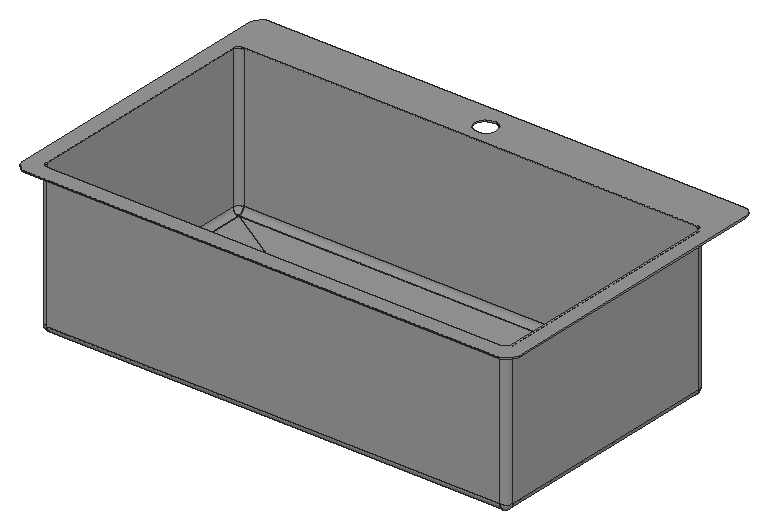
Revit family "BUILDMAT-TLAN007-Brittany-810-Tap-Landing-Stainless-Steel", category Plumbing Fixtures, host Face, Revit 2020
Family settings
  Host = Face
  Round Connector Dimension = Use Diameter
  Part Type = Normal
  Cut with Voids When Loaded = No
  Shared = No
  Room Calculation Point = No
Parameters (values of type "Brittany 810x500x250mm")
  Width = 760.0 mm
  Undermount [instance] = 0.0 mm
  URL = "https://www.buildmat.com.au/products/brittany-810-single-bowl-tap-landing-sink"
  Model = "TLAN007"  # constant formula
  Manufacturer URL = "https://www.buildmat.com.au/"
  Manufacturer = "BUILDMAT"  # constant formula
  Length = 400.0 mm
  Description = "BUILDMAT - Brittany 810x500 Single Bowl with Tap Landing Sink"  # constant formula
  Depth = 250.0 mm
  Default Elevation = 1219.2 mm
  Created By URL = "https://www.buildmat.com.au/"
  Created By = "BUILDMAT"  # constant formula
  Created = "22.06.2022"  # constant formula
  Material = BUILDMAT Stainless Steel
Reference planes
  plane 1 "Center (Front/Back)": y = 0
  plane 2: z = 0
  plane 3 "Center (Left/Right)": x = 0
  plane 4 "Top Substrate": z = 0
  plane 5 "Left": x = -380
  plane 6 "Right": x = 380
  plane 7 "Back": y = 200
  plane 8 "Front": y = -200
  plane 9: x = -405
  plane 10: x = 405
  plane 11: y = -225
  plane 12: y = 275
  plane 13 "Bottom Void": z = -250
  plane 14: z = 1.5
  plane 15: x = -381.5
  plane 16: y = -201.5
  plane 17: x = 381.5
  plane 18: y = 201.5
  plane 19: z = -240
  plane 20: z = -230
  plane 21: x = -370
  plane 22: x = 370
  plane 23: y = -190
  plane 24: y = 190
  plane 25: z = -245
  plane 26: z = -241.5
  plane 27: z = -246.5
  plane 28: x = -100
  plane 29: x = 100
  plane 30 "Sound Pad": z = -130
  plane 31 "Front Bracket": y = -100
  plane 32 "Back Bracket": y = 100
  plane 33: x = -280
  plane 34: x = 280
  plane 35: x = -57
  plane 36: x = 57
  plane 37: x = -45
  plane 38: x = 45
  plane 39: y = 232
  plane 40: y = 251.5
  plane 41: x = -393.2
  plane 42: z = -15
  plane 43: x = 393.2
  plane 44: x = -391.7
  plane 45: x = 391.7
Forms (mm)
  Extrusion 1, void
    sketch origin (0, 0, 0) x (1, 0, 0) y (0, 1, 0)
      loop
        arc (-370, 200) -> (-377.071, 197.071) -> (-380, 190) r 10
        line (-380, 190) -> (-380, -190)
        arc (-380, -190) -> (-377.071, -197.071) -> (-370, -200) r 10
        line (-370, -200) -> (370, -200)
        arc (370, -200) -> (377.071, -197.071) -> (380, -190) r 10
        line (380, -190) -> (380, 190)
        arc (380, 190) -> (377.071, 197.071) -> (370, 200) r 10
        line (370, 200) -> (-370, 200)
    from 0 to 1.5
  Extrusion 2, void
    sketch origin (0, 0, 0) x (1, 0, 0) y (0, 1, 0)
      loop
        line (-381.5, 201.5) -> (-381.5, -201.5) -> (381.5, -201.5) -> (381.5, 201.5) -> (-381.5, 201.5)
    from 0 to -250
  Extrusion 3, void
    sketch origin (0, 0, 0) x (1, 0, 0) y (0, 1, 0)
      loop
        arc (-385, 275) -> (-399.142, 269.142) -> (-405, 255) r 20
        line (-405, 255) -> (-405, -205)
        arc (-405, -205) -> (-399.142, -219.142) -> (-385, -225) r 20
        line (-385, -225) -> (385, -225)
        arc (385, -225) -> (399.142, -219.142) -> (405, -205) r 20
        line (405, -205) -> (405, 255)
        arc (405, 255) -> (399.142, 269.142) -> (385, 275) r 20
        line (385, 275) -> (-385, 275)
    from 1.5 to 0
  Extrusion 4, solid, material "BUILDMAT Stainless Steel" <- "Material"
    sketch origin (0, 0, 0) x (-1, 0, 0) y (0, -1, 0)
      loop
        arc (385, -275) -> (399.142, -269.142) -> (405, -255) r 20
        line (405, -255) -> (405, 205)
        arc (405, 205) -> (399.142, 219.142) -> (385, 225) r 20
        line (385, 225) -> (-385, 225)
        arc (-385, 225) -> (-399.142, 219.142) -> (-405, 205) r 20
        line (-405, 205) -> (-405, -255)
        arc (-405, -255) -> (-399.142, -269.142) -> (-385, -275) r 20
        line (-385, -275) -> (385, -275)
      loop
        arc (370, -200) -> (377.071, -197.071) -> (380, -190) r 10
        line (380, -190) -> (380, 190)
        arc (380, 190) -> (377.071, 197.071) -> (370, 200) r 10
        line (370, 200) -> (-370, 200)
        arc (-370, 200) -> (-377.071, 197.071) -> (-380, 190) r 10
        line (-380, 190) -> (-380, -190)
        arc (-380, -190) -> (-377.071, -197.071) -> (-370, -200) r 10
        line (-370, -200) -> (370, -200)
    from 0 to 1.5
  Extrusion 5, solid, material "BUILDMAT Stainless Steel" <- "Material"
    sketch origin (0, 0, 0) x (-1, 0, 0) y (0, -1, 0)
      loop
        arc (370, -201.5) -> (378.132, -198.132) -> (381.5, -190) r 11.5
        line (381.5, -190) -> (381.5, 190)
        arc (381.5, 190) -> (378.132, 198.132) -> (370, 201.5) r 11.5
        line (370, 201.5) -> (-370, 201.5)
        arc (-370, 201.5) -> (-378.132, 198.132) -> (-381.5, 190) r 11.5
        line (-381.5, 190) -> (-381.5, -190)
        arc (-381.5, -190) -> (-378.132, -198.132) -> (-370, -201.5) r 11.5
        line (-370, -201.5) -> (370, -201.5)
      loop
        arc (-370, 200) -> (-377.071, 197.071) -> (-380, 190) r 10
        line (-380, 190) -> (-380, -190)
        arc (-380, -190) -> (-377.071, -197.071) -> (-370, -200) r 10
        line (-370, -200) -> (370, -200)
        arc (370, -200) -> (377.071, -197.071) -> (380, -190) r 10
        line (380, -190) -> (380, 190)
        arc (380, 190) -> (377.071, 197.071) -> (370, 200) r 10
        line (370, 200) -> (-370, 200)
    from 0 to -230
  Revolve 6, solid, material "BUILDMAT Stainless Steel" <- "Material"
    sketch origin (-175.162, 190, 1219.2) x (-1, 0, 0) y (0, 0, 1)
      loop
        line (-555.162, -1449.2) -> (-556.662, -1449.2)
        arc (-556.662, -1449.2) -> (-553.293, -1457.332) -> (-545.162, -1460.7) r 11.5
        line (-545.162, -1460.7) -> (-545.162, -1459.2)
        arc (-545.162, -1459.2) -> (-552.233, -1456.271) -> (-555.162, -1449.2) r 10
      axis (-545.162, -1460.7) -> (-545.162, -1449.2)
    angle from 0 to -90
  Revolve 7, solid, material "BUILDMAT Stainless Steel" <- "Material"
    sketch origin (-175.162, 190, 1219.2) x (-1, 0, 0) y (0, 0, 1)
      loop
        arc (204.838, -1449.2) -> (201.909, -1456.271) -> (194.838, -1459.2) r 10
        line (194.838, -1459.2) -> (194.838, -1460.7)
        arc (194.838, -1460.7) -> (202.97, -1457.332) -> (206.338, -1449.2) r 11.5
        line (206.338, -1449.2) -> (204.838, -1449.2)
      axis (194.838, -1449.2) -> (194.838, -1460.7)
    angle from 0 to -90
  Revolve 8, solid, material "BUILDMAT Stainless Steel" <- "Material"
    sketch origin (-175.162, -190, 1219.2) x (-1, 0, 0) y (0, 0, 1)
      loop
        arc (204.838, -1449.2) -> (201.909, -1456.271) -> (194.838, -1459.2) r 10
        line (194.838, -1459.2) -> (194.838, -1460.7)
        arc (194.838, -1460.7) -> (202.97, -1457.332) -> (206.338, -1449.2) r 11.5
        line (206.338, -1449.2) -> (204.838, -1449.2)
      axis (194.838, -1449.2) -> (194.838, -1460.7)
    angle from 0 to 90
  Revolve 9, solid, material "BUILDMAT Stainless Steel" <- "Material"
    sketch origin (-175.162, -190, 1219.2) x (-1, 0, 0) y (0, 0, 1)
      loop
        line (-555.162, -1449.2) -> (-556.662, -1449.2)
        arc (-556.662, -1449.2) -> (-553.293, -1457.332) -> (-545.162, -1460.7) r 11.5
        line (-545.162, -1460.7) -> (-545.162, -1459.2)
        arc (-545.162, -1459.2) -> (-552.233, -1456.271) -> (-555.162, -1449.2) r 10
      axis (-545.162, -1449.2) -> (-545.162, -1460.7)
    angle from 0 to 90
  Extrusion 10, solid, material "BUILDMAT Stainless Steel" <- "Material"
    sketch origin (0, 0, 0) x (1, 0, 0) y (0, 0, 1)
      loop
        line (-380, -230) -> (-381.5, -230)
        arc (-381.5, -230) -> (-378.132, -238.132) -> (-370, -241.5) r 11.5
        line (-370, -241.5) -> (-370, -240)
        arc (-370, -240) -> (-377.071, -237.071) -> (-380, -230) r 10
    from -190 to 190
  Extrusion 11, solid, material "BUILDMAT Stainless Steel" <- "Material"
    sketch origin (0, 0, 0) x (1, 0, 0) y (0, 0, 1)
      loop
        arc (380, -230) -> (377.071, -237.071) -> (370, -240) r 10
        line (370, -240) -> (370, -241.5)
        arc (370, -241.5) -> (378.132, -238.132) -> (381.5, -230) r 11.5
        line (381.5, -230) -> (380, -230)
    from -190 to 190
  Extrusion 12, solid, material "BUILDMAT Stainless Steel" <- "Material"
    sketch origin (0, 0, 0) x (0, 1, 0) y (0, 0, 1)
      loop
        arc (200, -230) -> (197.071, -237.071) -> (190, -240) r 10
        line (190, -240) -> (190, -241.5)
        arc (190, -241.5) -> (198.132, -238.132) -> (201.5, -230) r 11.5
        line (201.5, -230) -> (200, -230)
    from -370 to 370
  Extrusion 13, solid, material "BUILDMAT Stainless Steel" <- "Material"
    sketch origin (0, 0, 0) x (0, 1, 0) y (0, 0, 1)
      loop
        line (-200, -230) -> (-201.5, -230)
        arc (-201.5, -230) -> (-198.132, -238.132) -> (-190, -241.5) r 11.5
        line (-190, -241.5) -> (-190, -240)
        arc (-190, -240) -> (-197.071, -237.071) -> (-200, -230) r 10
    from -370 to 370
  Revolve 14, solid, material "BUILDMAT Stainless Steel" <- "Material"
    sketch origin (0, 0, 0) x (1, 0, 0) y (0, 0, 1)
      loop
        line (-45, -250) -> (-45, -248.5)
        spline (-45, -248.5) -> (-46.484, -248.459) -> (-47.939, -248.339) -> (-49.337, -248.141) -> (-50.649, -247.871) -> (-51.848, -247.537) -> (-52.908, -247.151) -> (-53.805, -246.726) -> (-54.514, -246.283) -> (-55.023, -245.856) -> (-55.329, -245.483) -> (-55.468, -245.202) -> (-55.5, -245)
        line (-55.5, -245) -> (-57, -245)
        spline (-57, -245) -> (-56.897, -245.653) -> (-56.591, -246.294) -> (-56.087, -246.913) -> (-55.392, -247.5) -> (-54.52, -248.044) -> (-53.485, -248.536) -> (-52.305, -248.967) -> (-51, -249.33) -> (-49.592, -249.619) -> (-48.106, -249.83) -> (-46.566, -249.957) -> (-45, -250)
      axis (0, -245) -> (0, -250)
    angle from 0 to 360
  Blend 15, solid, material "BUILDMAT Stainless Steel" <- "Material"
    base sketch origin (0, 0, 0) x (-1, 0, 0) y (0, -1, 0)
      loop
        circle (0, 0) r 57
    top sketch origin (0, 0, 0) x (-1, 0, 0) y (0, -1, 0)
      loop
        line (370, -190) -> (370, 190) -> (-370, 190) -> (-370, -190) -> (370, -190)
    from -246.5 to -241.5
  Blend 16, void
    base sketch origin (0, 0, 0) x (-1, 0, 0) y (0, -1, 0)
      loop
        circle (0, 0) r 57
    top sketch origin (0, 0, 0) x (-1, 0, 0) y (0, -1, 0)
      loop
        line (370, -190) -> (370, 190) -> (-370, 190) -> (-370, -190) -> (370, -190)
    from -245 to -240
  Extrusion 17, solid, material "BUILDMAT Stainless Steel" <- "Material"
    sketch origin (0, 0, 0) x (-1, 0, 0) y (0, -1, 0)
      loop
        line (370, -190) -> (370, 190) -> (-370, 190) -> (-370, -190) -> (370, -190)
    from -241.5 to -240
  Extrusion 18, void
    sketch origin (0, 0, 0) x (-1, 0, 0) y (0, -1, 0)
      loop
        circle (0, 0) r 57
    from -250 to -230
  Extrusion 19, void
    sketch origin (0, 0, 0) x (-1, 0, 0) y (0, -1, 0)
      loop
        circle (0, -232) r 17.5
    from 0 to 100
Cuts and joins
  Extrusion 19 cuts Extrusion 4
  Extrusion 19 cuts Extrusion 5
  joined: Extrusion 4, Extrusion 5
  joined: Revolve 6, Revolve 9
  joined: Revolve 7, Revolve 8
  Blend 16, Extrusion 18 cuts Blend 15
  Blend 16, Extrusion 18 cuts Extrusion 17
  joined: Blend 15, Extrusion 17
Lines and regions (mm)
  Masking region 1
    outline origin (0, 0, 0) x (1, 0, 0) y (0, 0, 1)
      loop
        line (380, 0) -> (-380, 0) -> (-380, -230)
        arc (-380, -230) -> (-377.071, -237.071) -> (-370, -240) r 10
        line (-370, -240) -> (-57, -245) -> (57, -245) -> (370, -240)
        arc (370, -240) -> (377.071, -237.071) -> (380, -230) r 10
        line (380, -230) -> (380, 0)
  Masking region 2
    outline origin (0, 0, 0) x (1, 0, 0) y (0, 0, 1)
      loop
        line (-100, -245.813) -> (-100, -250) -> (-57, -250) -> (-57, -246.5) -> (-100, -245.813)
  Masking region 3
    outline origin (0, 0, 0) x (1, 0, 0) y (0, 0, 1)
      loop
        line (57, -246.5) -> (57, -250) -> (100, -250) -> (100, -245.813) -> (57, -246.5)
  Masking region 4
    outline origin (0, 0, 0) x (1, 0, 0) y (0, 0, 1)
      loop
        line (-393.2, 0) -> (-393.2, -15) -> (-391.7, -15) -> (-391.7, 0) -> (-393.2, 0)
  Masking region 5
    outline origin (0, 0, 0) x (1, 0, 0) y (0, 0, 1)
      loop
        line (391.7, 0) -> (391.7, -15) -> (393.2, -15) -> (393.2, 0) -> (391.7, 0)
Text (mm)
  text "Refer to www.buildmat.com.au for the most current product literature. \nAllow a +/- 5mm tolerance for dimensions shown in the product literature. \nPlease note product details are subject to change due to ongoing product development." at (0.056, -1035.857, 0), in view "Ref. Level"
Dimensions and locks
  "Undermount": plane 2 to plane 4 "Top Substrate"
  equal spacing: plane 5 "Left", plane 3 "Center (Left/Right)", plane 6 "Right"
  "Width": plane 5 "Left" to plane 6 "Right"
  "Length": plane 7 "Back" to plane 8 "Front"
  equal spacing: plane 7 "Back", plane 1 "Center (Front/Back)", plane 8 "Front"
  locked: plane 12 to plane 7 "Back" at 75
  locked: plane 8 "Front" to plane 11 at 25
  locked: plane 9 to plane 5 "Left" at 25
  locked: plane 6 "Right" to plane 10 at 25
  "Depth": plane 4 "Top Substrate" to plane 13 "Bottom Void"
  locked: plane 14 to plane 4 "Top Substrate" at 1.5
  locked: plane 18 to plane 7 "Back" at 1.5
  locked: plane 8 "Front" to plane 16 at 1.5
  plane 15 to plane 5 "Left" = 1.5 mm
  plane 6 "Right" to plane 17 = 1.5 mm
  plane 20 to plane 19 to plane 13 "Bottom Void" = 10.0 mm, 10.0 mm
  locked: plane 5 "Left" to plane 21 at 10
  locked: plane 22 to plane 6 "Right" at 10
  locked: plane 7 "Back" to plane 24 at 10
  locked: plane 23 to plane 8 "Front" at 10
  locked: plane 19 to plane 26 at 1.5
  locked: plane 25 to plane 13 "Bottom Void" at 5
  locked: plane 25 to plane 27 at 1.5
  plane 29 to plane 3 "Center (Left/Right)" to plane 28 = 100.0 mm locked, 100.0 mm locked
  locked: plane 30 "Sound Pad" to plane 13 "Bottom Void" at 120
  locked: plane 7 "Back" to plane 32 "Back Bracket" at 100
  locked: plane 31 "Front Bracket" to plane 8 "Front" at 100
  locked: plane 33 to plane 5 "Left" at 100
  locked: plane 6 "Right" to plane 34 at 100
  plane 37 to plane 3 "Center (Left/Right)" to plane 38 = 45.0 mm locked, 45.0 mm locked
  plane 35 to plane 3 "Center (Left/Right)" to plane 36 = 57.0 mm locked, 57.0 mm locked
  locked: plane 12 to plane 39 at 43
  locked: plane 40 to plane 18 at 50
  plane 44 to plane 41 to plane 9 = 1.5 mm locked, 11.8 mm locked
  plane 10 to plane 43 to plane 45 = 11.8 mm locked, 1.5 mm locked
  locked: plane 4 "Top Substrate" to plane 42 at 15
  aligned and locked: plane 2 to host face
  aligned and locked: level to host face
  aligned and locked: plane 8 "Front" to Extrusion 1 sketch curve
  aligned and locked: Extrusion 1 sketch curve to plane 7 "Back"
  aligned and locked: plane 5 "Left" to Extrusion 1 sketch curve
  aligned and locked: Extrusion 1 sketch curve to plane 6 "Right"
  aligned and locked: plane 2 to Extrusion 1
  aligned and locked: plane 14 to Extrusion 1
  aligned and locked: Extrusion 2 sketch curve to plane 16
  aligned and locked: Extrusion 2 sketch curve to plane 18
  aligned and locked: plane 15 to Extrusion 2 sketch curve
  aligned and locked: plane 17 to Extrusion 2 sketch curve
  aligned and locked: Extrusion 2 to plane 13 "Bottom Void"
  aligned and locked: plane 4 "Top Substrate" to Extrusion 2
  aligned and locked: Extrusion 3 sketch curve to plane 11
  aligned and locked: plane 9 to Extrusion 3 sketch curve
  aligned and locked: Extrusion 3 sketch curve to plane 10
  aligned and locked: Extrusion 3 sketch curve to plane 12
  aligned and locked: Extrusion 3 to plane 4 "Top Substrate"
  aligned and locked: Extrusion 3 to plane 14
  aligned and locked: Extrusion 4 sketch curve to plane 11
  aligned and locked: Extrusion 4 sketch curve to plane 12
  aligned and locked: plane 9 to Extrusion 4 sketch curve
  aligned and locked: Extrusion 4 sketch curve to plane 10
  aligned and locked: plane 5 "Left" to Extrusion 4 sketch curve
  aligned and locked: Extrusion 4 sketch curve to plane 6 "Right"
  aligned and locked: Extrusion 4 sketch curve to plane 7 "Back"
  aligned and locked: plane 8 "Front" to Extrusion 4 sketch curve
  aligned and locked: Extrusion 5 sketch curve to plane 7 "Back"
  aligned and locked: plane 5 "Left" to Extrusion 5 sketch curve
  aligned and locked: Extrusion 5 sketch curve to plane 6 "Right"
  aligned and locked: plane 8 "Front" to Extrusion 5 sketch curve
  aligned and locked: plane 15 to Extrusion 5 sketch curve
  aligned and locked: Extrusion 5 sketch curve to plane 16
  aligned and locked: plane 17 to Extrusion 5 sketch curve
  aligned and locked: Extrusion 5 sketch curve to plane 18
  aligned and locked: Extrusion 5 to plane 20
  aligned and locked: plane 4 "Top Substrate" to Extrusion 5
  aligned and locked: Extrusion 11 to plane 23
  aligned and locked: plane 24 to Extrusion 11
  aligned and locked: plane 24 to Extrusion 10
  aligned and locked: Extrusion 10 to plane 23
  aligned and locked: Extrusion 13 to plane 21
  aligned and locked: plane 22 to Extrusion 13
  aligned and locked: plane 22 to Extrusion 12
  aligned and locked: Extrusion 12 to plane 21
  aligned and locked: plane 21 to Blend 15 sketch curve
  aligned and locked: Blend 15 sketch curve to plane 22
  aligned and locked: Blend 15 sketch curve to plane 23
  aligned and locked: Blend 15 sketch curve to plane 24
  aligned and locked: plane 27 to Blend 15
  aligned and locked: Blend 15 to plane 26
  aligned and locked: Blend 16 sketch curve to plane 24
  aligned and locked: plane 21 to Blend 16 sketch curve
  aligned and locked: Blend 16 sketch curve to plane 22
  aligned and locked: Blend 16 sketch curve to plane 23
  aligned and locked: Blend 16 to plane 25
  aligned and locked: Blend 16 to plane 19
  aligned and locked: Extrusion 17 sketch curve to plane 24
  aligned and locked: Extrusion 17 sketch curve to plane 23
  aligned and locked: plane 21 to Extrusion 17 sketch curve
  aligned and locked: Extrusion 17 sketch curve to plane 22
  aligned and locked: Extrusion 17 to plane 26
  aligned and locked: Extrusion 17 to plane 19
  aligned and locked: Extrusion 18 to plane 13 "Bottom Void"
  aligned and locked: plane 20 to Extrusion 18
  aligned and locked: cut or joined group of Blend 15, Blend 16, Extrusion 17, Extrusion 18 to Masking region 2 sketch curve
  aligned and locked: Masking region 3 sketch curve to cut or joined group of Blend 15, Blend 16, Extrusion 17, Extrusion 18
  aligned and locked: plane 3 "Center (Left/Right)" to nested 1
  aligned and locked: nested 1 to plane 30 "Sound Pad"
  aligned and locked: plane 31 "Front Bracket" to nested 3
  aligned and locked: plane 15 to nested 3
  aligned and locked: plane 31 "Front Bracket" to nested 5
  aligned and locked: plane 17 to nested 5
  aligned and locked: plane 32 "Back Bracket" to nested 4
  aligned and locked: plane 17 to nested 4
  aligned and locked: plane 32 "Back Bracket" to nested 2
  aligned and locked: plane 15 to nested 2
  aligned and locked: nested 6 to plane 4 "Top Substrate"
  aligned and locked: nested 6 to plane 33
  aligned and locked: nested 7 to plane 4 "Top Substrate"
  aligned and locked: nested 7 to plane 34
  aligned and locked: nested 10 to plane 33
  aligned and locked: nested 11 to plane 34
  aligned and locked: plane 16 to nested 10
  aligned and locked: nested 11 to plane 16
  aligned and locked: plane 33 to nested 8
  aligned and locked: plane 34 to nested 9
  aligned and locked: nested 12 to plane 23
  aligned and locked: nested 12 to plane 24
  aligned and locked: plane 22 to nested 12
  aligned and locked: plane 21 to nested 12
  aligned and locked: plane 3 "Center (Left/Right)" to nested 13
  aligned and locked: plane 1 "Center (Front/Back)" to nested 13
  aligned and locked: plane 4 "Top Substrate" to Masking region 1
  aligned and locked: nested 9 to plane 40
  aligned and locked: nested 8 to plane 40
  aligned and locked: Extrusion 19 to plane 4 "Top Substrate"
  aligned and locked: Masking region 4 sketch curve to plane 4 "Top Substrate"
  aligned and locked: Masking region 4 sketch curve to plane 42
  aligned and locked: Masking region 4 sketch curve to plane 41
  aligned and locked: Masking region 4 sketch curve to plane 44
  aligned and locked: Masking region 5 sketch curve to plane 4 "Top Substrate"
  aligned and locked: plane 42 to Masking region 5 sketch curve
  aligned and locked: Masking region 5 sketch curve to plane 43
  aligned and locked: Masking region 5 sketch curve to plane 45
Automatic sketch dimensions
  host sketch curve to host sketch curve = 2438.4 mm  (x2)
  plane 5 "Left" to Extrusion 1 sketch curve = 10.0 mm  (x2)
  Extrusion 1 sketch curve to plane 6 "Right" = 10.0 mm  (x2)
  Extrusion 4 sketch curve to plane 10 = 20.0 mm  (x2)
  Extrusion 4 sketch curve to Extrusion 4 sketch curve = 10.0 mm  (x2)
  plane 5 "Left" to Extrusion 4 sketch curve = 10.0 mm
  plane 9 to Extrusion 4 sketch curve = 20.0 mm
  plane 8 "Front" to Extrusion 4 sketch curve = 10.0 mm
  plane 11 to Extrusion 4 sketch curve = 20.0 mm
  Extrusion 3 sketch curve to plane 5 "Left" = 5.0 mm
  plane 6 "Right" to Extrusion 3 sketch curve = 5.0 mm  (x2)
  plane 7 "Back" to Extrusion 3 sketch curve = 55.0 mm
  plane 5 "Left" to Extrusion 5 sketch curve = 10.0 mm
  Extrusion 5 sketch curve to plane 6 "Right" = 10.0 mm
  plane 8 "Front" to Extrusion 5 sketch curve = 10.0 mm
  Extrusion 5 sketch curve to plane 7 "Back" = 10.0 mm
  Extrusion 5 sketch curve to Extrusion 5 sketch curve = 0.0 mm  (x4)
  Revolve 6 sketch curve to Revolve 6 sketch curve = 0.0 mm  (x3)
  plane 17 to Revolve 6 sketch curve = 0.0 mm
  Revolve 6 sketch curve to plane 6 "Right" = 0.0 mm
  Revolve 6 sketch curve to plane 22 = 0.0 mm  (x2)
  Revolve 6 sketch curve to plane 19 = 0.0 mm
  Revolve 6 sketch curve to plane 20 = 0.0 mm
  Revolve 7 sketch curve to Revolve 7 sketch curve = 0.0 mm  (x3)
  Revolve 7 sketch curve to plane 20 = 0.0 mm  (x2)
  Revolve 7 sketch curve to plane 21 = 0.0 mm  (x2)
  Revolve 7 sketch curve to plane 5 "Left" = 0.0 mm
  Revolve 7 sketch curve to plane 15 = 0.0 mm
  Revolve 8 sketch curve to Revolve 8 sketch curve = 0.0 mm  (x3)
  Revolve 8 sketch curve to plane 20 = 0.0 mm  (x2)
  Revolve 8 sketch curve to plane 21 = 0.0 mm  (x2)
  Revolve 8 sketch curve to plane 5 "Left" = 0.0 mm
  Revolve 8 sketch curve to plane 15 = 0.0 mm
  Revolve 9 sketch curve to Revolve 9 sketch curve = 0.0 mm  (x3)
  plane 17 to Revolve 9 sketch curve = 0.0 mm
  Revolve 9 sketch curve to plane 6 "Right" = 0.0 mm
  Revolve 9 sketch curve to plane 22 = 0.0 mm  (x2)
  Revolve 9 sketch curve to plane 20 = 0.0 mm
  Revolve 9 sketch curve to plane 19 = 0.0 mm
  Extrusion 10 sketch curve to plane 15 = 0.0 mm
  Extrusion 10 sketch curve to plane 5 "Left" = 0.0 mm
  Extrusion 10 sketch curve to plane 19 = 0.0 mm
  Extrusion 10 sketch curve to plane 21 = 0.0 mm
  Extrusion 11 sketch curve to plane 20 = 0.0 mm
  Extrusion 11 sketch curve to plane 22 = 0.0 mm
  Extrusion 11 sketch curve to plane 6 "Right" = 0.0 mm
  plane 17 to Extrusion 11 sketch curve = 0.0 mm
  Extrusion 12 sketch curve to plane 20 = 0.0 mm
  Extrusion 12 sketch curve to plane 24 = 0.0 mm
  Extrusion 12 sketch curve to plane 7 "Back" = 0.0 mm
  Extrusion 12 sketch curve to plane 18 = 0.0 mm
  Extrusion 13 sketch curve to plane 16 = 0.0 mm
  Extrusion 13 sketch curve to plane 8 "Front" = 0.0 mm
  Extrusion 13 sketch curve to plane 23 = 0.0 mm
  Extrusion 13 sketch curve to plane 19 = 0.0 mm
  Revolve 14 sketch curve to plane 25 = 0.0 mm
  Revolve 14 sketch curve to plane 13 "Bottom Void" = 0.0 mm  (x2)
  Revolve 14 sketch curve to plane 3 "Center (Left/Right)" = 0.0 mm
  Revolve 14 sketch curve to plane 20 = 0.0 mm
  Revolve 14 sketch curve to plane 3 "Center (Left/Right)" = 45.0 mm
  Revolve 14 sketch curve to Revolve 14 sketch curve = 10.5 mm
  Revolve 14 sketch curve to Revolve 14 sketch curve = 1.5 mm  (x2)
  Revolve 14 sketch curve to Revolve 14 sketch curve = 0.0 mm
  plane 1 "Center (Front/Back)" to Blend 15 sketch curve = 0.0 mm
  Blend 15 sketch curve to plane 3 "Center (Left/Right)" = 0.0 mm
  plane 1 "Center (Front/Back)" to Blend 16 sketch curve = 0.0 mm
  Blend 16 sketch curve to plane 3 "Center (Left/Right)" = 0.0 mm
  plane 1 "Center (Front/Back)" to Extrusion 18 sketch curve = 0.0 mm
  Extrusion 18 sketch curve to plane 3 "Center (Left/Right)" = 0.0 mm
  Masking region 1 sketch curve to level = 0.0 mm
  Masking region 1 sketch curve to plane 20 = 0.0 mm
  Masking region 1 sketch curve to plane 21 = 0.0 mm
  Masking region 1 sketch curve to plane 25 = 0.0 mm
  Masking region 1 sketch curve to plane 3 "Center (Left/Right)" = 57.0 mm
  plane 3 "Center (Left/Right)" to Masking region 1 sketch curve = 57.0 mm
  Masking region 1 sketch curve to plane 19 = 0.0 mm
  Masking region 1 sketch curve to plane 22 = 0.0 mm
  Masking region 1 sketch curve to plane 6 "Right" = 0.0 mm
  Masking region 1 sketch curve to plane 5 "Left" = 0.0 mm
  Masking region 2 sketch curve to plane 28 = 0.0 mm
  Masking region 2 sketch curve to plane 13 "Bottom Void" = 0.0 mm
  Masking region 2 sketch curve to plane 27 = 0.0 mm
  Masking region 3 sketch curve to plane 27 = 0.0 mm
  Masking region 3 sketch curve to plane 13 "Bottom Void" = 0.0 mm
  Masking region 3 sketch curve to plane 29 = 0.0 mm
  Extrusion 19 sketch curve to plane 3 "Center (Left/Right)" = 0.0 mm
  Extrusion 19 sketch curve to plane 39 = 0.0 mm
  radius of Blend 15 sketch curve = 57.0 mm
  radius of Blend 16 sketch curve = 57.0 mm
  radius of Extrusion 18 sketch curve = 57.0 mm
  radius of Extrusion 19 sketch curve = 17.5 mm
Nested families
  nested 1: "SP_Front" at (0, 0, -130) x (1, 0, 0) z (0, -1, 0), type "SP_Front", not visible
  nested 2: "TMB_Plan" at (-381.5, 100, 0) x (0, 1, 0) z (0, 0, 1), type "TMB_Plan"
  nested 3: "TMB_Plan" at (-381.5, -100, 0) x (0, 1, 0) z (0, 0, 1), type "TMB_Plan"
  nested 4: "TMB_Plan" at (381.5, 100, 0) x (0, -1, 0) z (0, 0, 1), type "TMB_Plan"
  nested 5: "TMB_Plan" at (381.5, -100, 0) x (0, -1, 0) z (0, 0, 1), type "TMB_Plan"
  nested 6: "TMB_Front" at (-280, 0, 0) x (1, 0, 0) z (0, -1, 0), type "TMB_Front"
  nested 7: "TMB_Front" at (280, 0, 0) x (1, 0, 0) z (0, -1, 0), type "TMB_Front"
  nested 8: "TMB_Plan" at (-280, 251.5, 0), type "TMB_Plan"
  nested 9: "TMB_Plan" at (280, 251.5, 0), type "TMB_Plan"
  nested 10: "TMB_Plan" at (-280, -201.5, 0) x (-1, 0, 0) z (0, 0, 1), type "TMB_Plan"
  nested 11: "TMB_Plan" at (280, -201.5, 0) x (-1, 0, 0) z (0, 0, 1), type "TMB_Plan"
  nested 12: "BOWL Plan" at (0, 0, -130), type "BOWL Plan"
    with Width 740.0 mm, Lenght 380.0 mm
  nested 13: "DRAIN" at (0, 0, 0), type "DRAIN"
Definition of nested family "SP_Front"
  Reference planes
    plane 1 "Center (Elevation)": y = 0
    plane 2: z = 0
    plane 3 "Center (Left/Right)": x = 0
  Lines and regions (mm)
    Masking region 1, in view "Ref. Level"
      outline origin (0, 0, 0) x (1, 0, 0) y (0, 1, 0)
        loop
          arc (-50, 40) -> (-57.071, 37.071) -> (-60, 30) r 10
          line (-60, 30) -> (-60, -30)
          arc (-60, -30) -> (-57.071, -37.071) -> (-50, -40) r 10
          line (-50, -40) -> (50, -40)
          arc (50, -40) -> (57.071, -37.071) -> (60, -30) r 10
          line (60, -30) -> (60, 30)
          arc (60, 30) -> (57.071, 37.071) -> (50, 40) r 10
          line (50, 40) -> (-50, 40)
    detail lines, in view "Ref. Level"
      curve 1: line (-50, 40, 0) -> (50, 40, 0)
      curve 2: line (50, -40, 0) -> (-50, -40, 0)
      curve 3: line (60, 30, 0) -> (60, -30, 0)
      curve 4: line (-60, 30, 0) -> (-60, -30, 0)
      curve 5: arc (-50, 40, 0) -> (-57.071, 37.071, 0) -> (-60, 30, 0) r 10
      curve 6: arc (-60, -30, 0) -> (-57.071, -37.071, 0) -> (-50, -40, 0) r 10
      curve 7: arc (50, -40, 0) -> (57.071, -37.071, 0) -> (60, -30, 0) r 10
      curve 8: arc (60, 30, 0) -> (57.071, 37.071, 0) -> (50, 40, 0) r 10
  Dimensions and locks
    aligned and locked: Masking region 1 sketch curve to curve 1
    aligned and locked: Masking region 1 sketch curve to curve 4
    aligned and locked: Masking region 1 sketch curve to curve 2
    aligned and locked: Masking region 1 sketch curve to curve 3
Definition of nested family "TMB_Plan"
  Reference planes
    plane 1 "Center (Front/Back)": y = 0
    plane 2: z = 0
    plane 3 "Center (Left/Right)": x = 0
  Lines and regions (mm)
    detail lines, in view "Ref. Level"
      curve 1: line (-17.5, 0, 0) -> (17.5, 0, 0)
      curve 2: line (17.5, 0, 0) -> (17.5, 5, 0)
      curve 3: line (17.5, 5, 0) -> (12.5, 5, 0)
      curve 4: line (-17.5, 0, 0) -> (-17.5, 5, 0)
      curve 5: line (-17.5, 5, 0) -> (-12.5, 5, 0)
Definition of nested family "TMB_Front"
  Reference planes
    plane 1 "Center (Elevation)": y = 0
    plane 2: z = 0
    plane 3 "Center (Left/Right)": x = 0
  Lines and regions (mm)
    Masking region 1, in view "Ref. Level"
      outline origin (0, 0, 0) x (1, 0, 0) y (0, 1, 0)
        loop
          line (-17.5, 0) -> (-17.5, -80) -> (17.5, -80) -> (17.5, 0) -> (-17.5, 0)
    detail lines, in view "Ref. Level"
      curve 1: line (-17.5, 0, 0) -> (-17.5, -80, 0)
      curve 2: line (-17.5, -80, 0) -> (17.5, -80, 0)
      curve 3: line (17.5, -80, 0) -> (17.5, 0, 0)
      curve 4: line (-12.5, -50, 0) -> (12.5, -50, 0)
      curve 5: line (-12.5, -75, 0) -> (-12.5, -50, 0)
      curve 6: line (12.5, -75, 0) -> (-12.5, -75, 0)
      curve 7: line (12.5, -50, 0) -> (12.5, -75, 0)
Definition of nested family "BOWL Plan"
  Parameters (values of type "BOWL Plan")
    Width [instance] = 600.0 mm
    Lenght [instance] = 400.0 mm
  Reference planes
    plane 1 "Center (Front/Back)": y = 0
    plane 2: z = 0
    plane 3 "Center (Left/Right)": x = 0
    plane 4 "Left": x = -300
    plane 5 "Right": x = 300
    plane 6 "Back": y = 200
    plane 7 "Front": y = -200
  Lines and regions (mm)
    Masking region 1, in view "Ref. Level"
      outline origin (0, 0, 0) x (1, 0, 0) y (0, 1, 0)
        loop
          line (-300, 200) -> (-300, -200) -> (300, -200) -> (300, 200) -> (-300, 200)
    detail lines, in view "Ref. Level"
      curve 1: line (-300, 200, 0) -> (300, -200, 0)
      curve 2: line (-300, -200, 0) -> (300, 200, 0)
  Dimensions and locks
    equal spacing: plane 6 "Back", plane 1 "Center (Front/Back)", plane 7 "Front"
    "Lenght": plane 6 "Back" to plane 7 "Front"
    equal spacing: plane 4 "Left", plane 3 "Center (Left/Right)", plane 5 "Right"
    "Width": plane 4 "Left" to plane 5 "Right"
    aligned and locked: plane 4 "Left" to Masking region 1 sketch curve
    aligned and locked: Masking region 1 sketch curve to plane 5 "Right"
    aligned and locked: plane 7 "Front" to Masking region 1 sketch curve
    aligned and locked: Masking region 1 sketch curve to plane 6 "Back"
  Automatic sketch dimensions
    curve 2 to plane 4 "Left" = 0.0 mm
    curve 1 to plane 4 "Left" = 0.0 mm
    curve 2 to plane 5 "Right" = 0.0 mm
    curve 1 to plane 5 "Right" = 0.0 mm
    curve 1 to plane 7 "Front" = 0.0 mm
    curve 2 to plane 7 "Front" = 0.0 mm
    curve 2 to plane 6 "Back" = 0.0 mm
    curve 1 to plane 6 "Back" = 0.0 mm
Definition of nested family "DRAIN"
  Reference planes
    plane 1 "Center (Front/Back)": y = 0
    plane 2: z = 0
    plane 3 "Center (Left/Right)": x = 0
  Lines and regions (mm)
    Masking region 1, in view "Ref. Level"
      outline origin (0, 0, 0) x (1, 0, 0) y (0, 1, 0)
        loop
          circle (0, 0) r 57
    detail lines, in view "Ref. Level"
      curve 1: circle (0, 0, 0) r 45 normal (0, 0, 1)
      curve 2: circle (0, 0, 0) r 55.5 normal (0, 0, 1)
